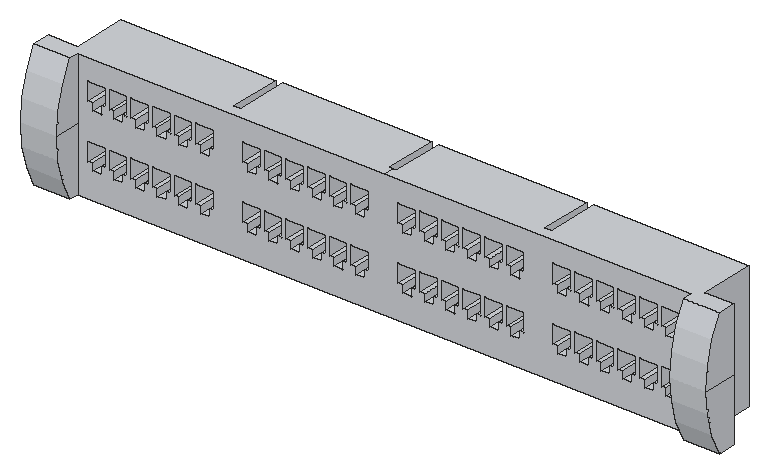
Revit family
Parameters
  Material ID = "760152348"
  Description = "SYSTIMAX 360™ iPatch® 1100GS6 EVOLVE U/UTP PATCH PANEL, 48 PORT"
Reference planes (in)
  plane 1 "Center (Front/Back)": y = 0
  plane 2: z = 0
  plane 3 "Center (Left/Right)": x = 0
Forms (in)
  Extrusion 1, solid
    sketch origin (0, 0, 0) x (1, 0, 0) y (0, 0, 1)
      loop
        line (0, 1.75) -> (-9.5, 1.75) -> (-9.5, 0) -> (-9.5, -1.75) -> (0, -1.75) -> (9.5, -1.75) -> (9.5, 0) -> (9.5, 1.75) -> (0, 1.75)
    from 0 to 2.5
  Extrusion 2, void
    sketch origin (0, 0, 0) x (0, 1, 0) y (0, 0, 1)
      loop
        line (-2, 1.75) -> (-3.8877, 1.75) -> (-3.8877, -1.75) -> (-2, -1.75)
        arc (-2, -1.75) -> (-2.4805, 0) -> (-2, 1.75) r 3.42703
    from -11.51115 to 12
  Extrusion 3, void
    sketch origin (0, 0, 0) x (1, 0, 0) y (0, 0, 1)
      loop
        line (-8.5, 1.75) -> (-8.5, 0) -> (-8.5, -1.75) -> (0, -1.75) -> (8.5, -1.75) -> (8.5, 0) -> (8.5, 1.75) -> (0, 1.75) -> (-8.5, 1.75)
    from 1.75233 to 12
  Extrusion 4, void
    sketch origin (0, 0, 0) x (0, 1, 0) y (0, 0, 1)
      loop
        line (0, 1.75) -> (-1.5, 1.75) -> (-1.5, -1.75) -> (0, -1.75) -> (0, 1.75)
    from 8.68821 to 11.36382
  Extrusion 5, void
    sketch origin (0, 0, 0) x (0, 1, 0) y (0, 0, -1)
      loop
        line (0, -1.75) -> (0, 1.75) -> (-1.5, 1.75) -> (-1.5, -1.75) -> (0, -1.75)
    from 8.68821 to 11.36382
  Extrusion 6, void, not visible
    sketch origin (0, 0, 0) x (1, 0, 0) y (0, 0, 1)
      loop
        line (-7.85662, 0.48089) -> (-7.85662, -0.39002) -> (-7.67285, -0.39002) -> (-7.67285, -0.64002) -> (-7.0736, -0.64002) -> (-7.0736, -0.39002) -> (-6.92978, -0.39002) -> (-6.92978, 0.48089) -> (-7.85662, 0.48089)
    from -3.79215 to 12
  Extrusion 7, void
    sketch origin (0, 0, 0.75) x (1, 0, 0) y (0, 0, 1)
      loop
        line (-8.21397, 0.42583) -> (-8.21397, -0.07417) -> (-8.08657, -0.07417) -> (-8.08657, -0.27417) -> (-7.83657, -0.27417) -> (-7.83657, -0.07417) -> (-7.72497, -0.07417) -> (-7.72497, 0.42583) -> (-8.21397, 0.42583)
    from 0.74059 to 3.34334
  Extrusion 8, void
    sketch origin (0.6, 0, 0.75) x (1, 0, 0) y (0, 0, 1)
      loop
        line (-8.21397, 0.42583) -> (-8.21397, -0.07417) -> (-8.08657, -0.07417) -> (-8.08657, -0.27417) -> (-7.83657, -0.27417) -> (-7.83657, -0.07417) -> (-7.72497, -0.07417) -> (-7.72497, 0.42583) -> (-8.21397, 0.42583)
    from 0.74059 to 3.34334
  Extrusion 9, void
    sketch origin (1.2, 0, 0.75) x (1, 0, 0) y (0, 0, 1)
      loop
        line (-8.21397, 0.42583) -> (-8.21397, -0.07417) -> (-8.08657, -0.07417) -> (-8.08657, -0.27417) -> (-7.83657, -0.27417) -> (-7.83657, -0.07417) -> (-7.72497, -0.07417) -> (-7.72497, 0.42583) -> (-8.21397, 0.42583)
    from 0.74059 to 3.34334
  Extrusion 10, void
    sketch origin (1.8, 0, 0.75) x (1, 0, 0) y (0, 0, 1)
      loop
        line (-8.21397, 0.42583) -> (-8.21397, -0.07417) -> (-8.08657, -0.07417) -> (-8.08657, -0.27417) -> (-7.83657, -0.27417) -> (-7.83657, -0.07417) -> (-7.72497, -0.07417) -> (-7.72497, 0.42583) -> (-8.21397, 0.42583)
    from 0.74059 to 3.34334
  Extrusion 11, void
    sketch origin (2.4, 0, 0.75) x (1, 0, 0) y (0, 0, 1)
      loop
        line (-8.21397, 0.42583) -> (-8.21397, -0.07417) -> (-8.08657, -0.07417) -> (-8.08657, -0.27417) -> (-7.83657, -0.27417) -> (-7.83657, -0.07417) -> (-7.72497, -0.07417) -> (-7.72497, 0.42583) -> (-8.21397, 0.42583)
    from 0.74059 to 3.34334
  Extrusion 12, void
    sketch origin (3, 0, 0.75) x (1, 0, 0) y (0, 0, 1)
      loop
        line (-8.21397, 0.42583) -> (-8.21397, -0.07417) -> (-8.08657, -0.07417) -> (-8.08657, -0.27417) -> (-7.83657, -0.27417) -> (-7.83657, -0.07417) -> (-7.72497, -0.07417) -> (-7.72497, 0.42583) -> (-8.21397, 0.42583)
    from 0.74059 to 3.34334
  Extrusion 13, void, not visible
    sketch origin (0, 0, 0) x (1, 0, 0) y (0, 0, 1)
      loop
        line (-8.21397, 0.42583) -> (-8.21397, -0.07417) -> (-8.08657, -0.07417) -> (-8.08657, -0.27417) -> (-7.83657, -0.27417) -> (-7.83657, -0.07417) -> (-7.72497, -0.07417) -> (-7.72497, 0.42583) -> (-8.21397, 0.42583)
    from 0.74059 to 3.34334
  Extrusion 14, void
    sketch origin (4.3, 0, 0.75) x (1, 0, 0) y (0, 0, 1)
      loop
        line (-8.21397, 0.42583) -> (-8.21397, -0.07417) -> (-8.08657, -0.07417) -> (-8.08657, -0.27417) -> (-7.83657, -0.27417) -> (-7.83657, -0.07417) -> (-7.72497, -0.07417) -> (-7.72497, 0.42583) -> (-8.21397, 0.42583)
    from 0.74059 to 3.34334
  Extrusion 15, void
    sketch origin (4.9, 0, 0.75) x (1, 0, 0) y (0, 0, 1)
      loop
        line (-8.21397, 0.42583) -> (-8.21397, -0.07417) -> (-8.08657, -0.07417) -> (-8.08657, -0.27417) -> (-7.83657, -0.27417) -> (-7.83657, -0.07417) -> (-7.72497, -0.07417) -> (-7.72497, 0.42583) -> (-8.21397, 0.42583)
    from 0.74059 to 3.34334
  Extrusion 16, void
    sketch origin (5.5, 0, 0.75) x (1, 0, 0) y (0, 0, 1)
      loop
        line (-8.21397, 0.42583) -> (-8.21397, -0.07417) -> (-8.08657, -0.07417) -> (-8.08657, -0.27417) -> (-7.83657, -0.27417) -> (-7.83657, -0.07417) -> (-7.72497, -0.07417) -> (-7.72497, 0.42583) -> (-8.21397, 0.42583)
    from 0.74059 to 3.34334
  Extrusion 17, void
    sketch origin (6.1, 0, 0.75) x (1, 0, 0) y (0, 0, 1)
      loop
        line (-8.21397, 0.42583) -> (-8.21397, -0.07417) -> (-8.08657, -0.07417) -> (-8.08657, -0.27417) -> (-7.83657, -0.27417) -> (-7.83657, -0.07417) -> (-7.72497, -0.07417) -> (-7.72497, 0.42583) -> (-8.21397, 0.42583)
    from 0.74059 to 3.34334
  Extrusion 18, void
    sketch origin (6.7, 0, 0.75) x (1, 0, 0) y (0, 0, 1)
      loop
        line (-8.21397, 0.42583) -> (-8.21397, -0.07417) -> (-8.08657, -0.07417) -> (-8.08657, -0.27417) -> (-7.83657, -0.27417) -> (-7.83657, -0.07417) -> (-7.72497, -0.07417) -> (-7.72497, 0.42583) -> (-8.21397, 0.42583)
    from 0.74059 to 3.34334
  Extrusion 19, void
    sketch origin (7.3, 0, 0.75) x (1, 0, 0) y (0, 0, 1)
      loop
        line (-8.21397, 0.42583) -> (-8.21397, -0.07417) -> (-8.08657, -0.07417) -> (-8.08657, -0.27417) -> (-7.83657, -0.27417) -> (-7.83657, -0.07417) -> (-7.72497, -0.07417) -> (-7.72497, 0.42583) -> (-8.21397, 0.42583)
    from 0.74059 to 3.34334
  Extrusion 20, void
    sketch origin (8.6, 0, 0.75) x (1, 0, 0) y (0, 0, 1)
      loop
        line (-8.21397, 0.42583) -> (-8.21397, -0.07417) -> (-8.08657, -0.07417) -> (-8.08657, -0.27417) -> (-7.83657, -0.27417) -> (-7.83657, -0.07417) -> (-7.72497, -0.07417) -> (-7.72497, 0.42583) -> (-8.21397, 0.42583)
    from 0.74059 to 3.34334
  Extrusion 21, void
    sketch origin (9.2, 0, 0.75) x (1, 0, 0) y (0, 0, 1)
      loop
        line (-8.21397, 0.42583) -> (-8.21397, -0.07417) -> (-8.08657, -0.07417) -> (-8.08657, -0.27417) -> (-7.83657, -0.27417) -> (-7.83657, -0.07417) -> (-7.72497, -0.07417) -> (-7.72497, 0.42583) -> (-8.21397, 0.42583)
    from 0.74059 to 3.34334
  Extrusion 22, void
    sketch origin (9.8, 0, 0.75) x (1, 0, 0) y (0, 0, 1)
      loop
        line (-8.21397, 0.42583) -> (-8.21397, -0.07417) -> (-8.08657, -0.07417) -> (-8.08657, -0.27417) -> (-7.83657, -0.27417) -> (-7.83657, -0.07417) -> (-7.72497, -0.07417) -> (-7.72497, 0.42583) -> (-8.21397, 0.42583)
    from 0.74059 to 3.34334
  Extrusion 23, void
    sketch origin (10.4, 0, 0.75) x (1, 0, 0) y (0, 0, 1)
      loop
        line (-8.21397, 0.42583) -> (-8.21397, -0.07417) -> (-8.08657, -0.07417) -> (-8.08657, -0.27417) -> (-7.83657, -0.27417) -> (-7.83657, -0.07417) -> (-7.72497, -0.07417) -> (-7.72497, 0.42583) -> (-8.21397, 0.42583)
    from 0.74059 to 3.34334
  Extrusion 24, void
    sketch origin (11, 0, 0.75) x (1, 0, 0) y (0, 0, 1)
      loop
        line (-8.21397, 0.42583) -> (-8.21397, -0.07417) -> (-8.08657, -0.07417) -> (-8.08657, -0.27417) -> (-7.83657, -0.27417) -> (-7.83657, -0.07417) -> (-7.72497, -0.07417) -> (-7.72497, 0.42583) -> (-8.21397, 0.42583)
    from 0.74059 to 3.34334
  Extrusion 25, void
    sketch origin (11.6, 0, 0.75) x (1, 0, 0) y (0, 0, 1)
      loop
        line (-8.21397, 0.42583) -> (-8.21397, -0.07417) -> (-8.08657, -0.07417) -> (-8.08657, -0.27417) -> (-7.83657, -0.27417) -> (-7.83657, -0.07417) -> (-7.72497, -0.07417) -> (-7.72497, 0.42583) -> (-8.21397, 0.42583)
    from 0.74059 to 3.34334
  Extrusion 26, void
    sketch origin (12.9, 0, 0.75) x (1, 0, 0) y (0, 0, 1)
      loop
        line (-8.21397, 0.42583) -> (-8.21397, -0.07417) -> (-8.08657, -0.07417) -> (-8.08657, -0.27417) -> (-7.83657, -0.27417) -> (-7.83657, -0.07417) -> (-7.72497, -0.07417) -> (-7.72497, 0.42583) -> (-8.21397, 0.42583)
    from 0.74059 to 3.34334
  Extrusion 27, void
    sketch origin (13.5, 0, 0.75) x (1, 0, 0) y (0, 0, 1)
      loop
        line (-8.21397, 0.42583) -> (-8.21397, -0.07417) -> (-8.08657, -0.07417) -> (-8.08657, -0.27417) -> (-7.83657, -0.27417) -> (-7.83657, -0.07417) -> (-7.72497, -0.07417) -> (-7.72497, 0.42583) -> (-8.21397, 0.42583)
    from 0.74059 to 3.34334
  Extrusion 28, void
    sketch origin (14.1, 0, 0.75) x (1, 0, 0) y (0, 0, 1)
      loop
        line (-8.21397, 0.42583) -> (-8.21397, -0.07417) -> (-8.08657, -0.07417) -> (-8.08657, -0.27417) -> (-7.83657, -0.27417) -> (-7.83657, -0.07417) -> (-7.72497, -0.07417) -> (-7.72497, 0.42583) -> (-8.21397, 0.42583)
    from 0.74059 to 3.34334
  Extrusion 29, void
    sketch origin (14.7, 0, 0.75) x (1, 0, 0) y (0, 0, 1)
      loop
        line (-8.21397, 0.42583) -> (-8.21397, -0.07417) -> (-8.08657, -0.07417) -> (-8.08657, -0.27417) -> (-7.83657, -0.27417) -> (-7.83657, -0.07417) -> (-7.72497, -0.07417) -> (-7.72497, 0.42583) -> (-8.21397, 0.42583)
    from 0.74059 to 3.34334
  Extrusion 30, void
    sketch origin (15.3, 0, 0.75) x (1, 0, 0) y (0, 0, 1)
      loop
        line (-8.21397, 0.42583) -> (-8.21397, -0.07417) -> (-8.08657, -0.07417) -> (-8.08657, -0.27417) -> (-7.83657, -0.27417) -> (-7.83657, -0.07417) -> (-7.72497, -0.07417) -> (-7.72497, 0.42583) -> (-8.21397, 0.42583)
    from 0.74059 to 3.34334
  Extrusion 31, void
    sketch origin (15.9, 0, 0.75) x (1, 0, 0) y (0, 0, 1)
      loop
        line (-8.21397, 0.42583) -> (-8.21397, -0.07417) -> (-8.08657, -0.07417) -> (-8.08657, -0.27417) -> (-7.83657, -0.27417) -> (-7.83657, -0.07417) -> (-7.72497, -0.07417) -> (-7.72497, 0.42583) -> (-8.21397, 0.42583)
    from 0.74059 to 3.34334
  Extrusion 32, void
    sketch origin (0, 0, 0) x (1, 0, 0) y (0, 0, 1)
      loop
        line (9.21516, 1.20765) -> (9.01112, 1.20765)
        arc (9.01112, 1.20765) -> (8.88612, 1.08265) -> (9.01112, 0.95765) r 0.125
        line (9.01112, 0.95765) -> (9.21516, 0.95765)
        arc (9.21516, 0.95765) -> (9.34016, 1.08265) -> (9.21516, 1.20765) r 0.125
    from -0.81157 to 2
  Extrusion 33, void
    sketch origin (0, 0, 0) x (1, 0, 0) y (0, 0, 1)
      loop
        arc (9.21516, -1.20765) -> (9.34016, -1.08265) -> (9.21516, -0.95765) r 0.125
        line (9.21516, -0.95765) -> (9.01112, -0.95765)
        arc (9.01112, -0.95765) -> (8.88612, -1.08265) -> (9.01112, -1.20765) r 0.125
        line (9.01112, -1.20765) -> (9.21516, -1.20765)
    from -0.81157 to 2
  Extrusion 34, void
    sketch origin (0, 0, 0) x (-1, 0, 0) y (0, 0, -1)
      loop
        arc (9.21516, -1.20765) -> (9.34016, -1.08265) -> (9.21516, -0.95765) r 0.125
        line (9.21516, -0.95765) -> (9.01112, -0.95765)
        arc (9.01112, -0.95765) -> (8.88612, -1.08265) -> (9.01112, -1.20765) r 0.125
        line (9.01112, -1.20765) -> (9.21516, -1.20765)
    from -0.81157 to 2
  Extrusion 35, void
    sketch origin (0, 0, 0) x (-1, 0, 0) y (0, 0, -1)
      loop
        line (9.21516, 1.20765) -> (9.01112, 1.20765)
        arc (9.01112, 1.20765) -> (8.88612, 1.08265) -> (9.01112, 0.95765) r 0.125
        line (9.01112, 0.95765) -> (9.21516, 0.95765)
        arc (9.21516, 0.95765) -> (9.34016, 1.08265) -> (9.21516, 1.20765) r 0.125
    from -0.81157 to 2
  Extrusion 36, void
    sketch origin (0, 0, 0) x (1, 0, 0) y (0, 0, 1)
      loop
        line (4.40826, 1.75) -> (4.20826, 1.75) -> (4.20826, -1.75) -> (4.40826, -1.75) -> (4.40826, 1.75)
    from 0 to 1.44779
  Extrusion 37, void
    sketch origin (-4.29969, 0, 0) x (1, 0, 0) y (0, 0, 1)
      loop
        line (4.40826, 1.75) -> (4.20826, 1.75) -> (4.20826, -1.75) -> (4.40826, -1.75) -> (4.40826, 1.75)
    from 0 to 1.44779
  Extrusion 38, void
    sketch origin (-8.6195, 0, 0) x (1, 0, 0) y (0, 0, 1)
      loop
        line (4.40826, 1.75) -> (4.20826, 1.75) -> (4.20826, -1.75) -> (4.40826, -1.75) -> (4.40826, 1.75)
    from 0 to 1.44779
  Extrusion 39, void
    sketch origin (0, 0, -0.75) x (1, 0, 0) y (0, 0, 1)
      loop
        line (-8.21397, 0.42583) -> (-8.21397, -0.07417) -> (-8.08657, -0.07417) -> (-8.08657, -0.27417) -> (-7.83657, -0.27417) -> (-7.83657, -0.07417) -> (-7.72497, -0.07417) -> (-7.72497, 0.42583) -> (-8.21397, 0.42583)
    from 0.74059 to 3.34334
  Extrusion 40, void
    sketch origin (0.6, 0, -0.75) x (1, 0, 0) y (0, 0, 1)
      loop
        line (-8.21397, 0.42583) -> (-8.21397, -0.07417) -> (-8.08657, -0.07417) -> (-8.08657, -0.27417) -> (-7.83657, -0.27417) -> (-7.83657, -0.07417) -> (-7.72497, -0.07417) -> (-7.72497, 0.42583) -> (-8.21397, 0.42583)
    from 0.74059 to 3.34334
  Extrusion 41, void
    sketch origin (1.2, 0, -0.75) x (1, 0, 0) y (0, 0, 1)
      loop
        line (-8.21397, 0.42583) -> (-8.21397, -0.07417) -> (-8.08657, -0.07417) -> (-8.08657, -0.27417) -> (-7.83657, -0.27417) -> (-7.83657, -0.07417) -> (-7.72497, -0.07417) -> (-7.72497, 0.42583) -> (-8.21397, 0.42583)
    from 0.74059 to 3.34334
  Extrusion 42, void
    sketch origin (1.8, 0, -0.75) x (1, 0, 0) y (0, 0, 1)
      loop
        line (-8.21397, 0.42583) -> (-8.21397, -0.07417) -> (-8.08657, -0.07417) -> (-8.08657, -0.27417) -> (-7.83657, -0.27417) -> (-7.83657, -0.07417) -> (-7.72497, -0.07417) -> (-7.72497, 0.42583) -> (-8.21397, 0.42583)
    from 0.74059 to 3.34334
  Extrusion 43, void
    sketch origin (2.4, 0, -0.75) x (1, 0, 0) y (0, 0, 1)
      loop
        line (-8.21397, 0.42583) -> (-8.21397, -0.07417) -> (-8.08657, -0.07417) -> (-8.08657, -0.27417) -> (-7.83657, -0.27417) -> (-7.83657, -0.07417) -> (-7.72497, -0.07417) -> (-7.72497, 0.42583) -> (-8.21397, 0.42583)
    from 0.74059 to 3.34334
  Extrusion 44, void
    sketch origin (3, 0, -0.75) x (1, 0, 0) y (0, 0, 1)
      loop
        line (-8.21397, 0.42583) -> (-8.21397, -0.07417) -> (-8.08657, -0.07417) -> (-8.08657, -0.27417) -> (-7.83657, -0.27417) -> (-7.83657, -0.07417) -> (-7.72497, -0.07417) -> (-7.72497, 0.42583) -> (-8.21397, 0.42583)
    from 0.74059 to 3.34334
  Extrusion 45, void
    sketch origin (4.3, 0, -0.75) x (1, 0, 0) y (0, 0, 1)
      loop
        line (-8.21397, 0.42583) -> (-8.21397, -0.07417) -> (-8.08657, -0.07417) -> (-8.08657, -0.27417) -> (-7.83657, -0.27417) -> (-7.83657, -0.07417) -> (-7.72497, -0.07417) -> (-7.72497, 0.42583) -> (-8.21397, 0.42583)
    from 0.74059 to 3.34334
  Extrusion 46, void
    sketch origin (4.9, 0, -0.75) x (1, 0, 0) y (0, 0, 1)
      loop
        line (-8.21397, 0.42583) -> (-8.21397, -0.07417) -> (-8.08657, -0.07417) -> (-8.08657, -0.27417) -> (-7.83657, -0.27417) -> (-7.83657, -0.07417) -> (-7.72497, -0.07417) -> (-7.72497, 0.42583) -> (-8.21397, 0.42583)
    from 0.74059 to 3.34334
  Extrusion 47, void
    sketch origin (5.5, 0, -0.75) x (1, 0, 0) y (0, 0, 1)
      loop
        line (-8.21397, 0.42583) -> (-8.21397, -0.07417) -> (-8.08657, -0.07417) -> (-8.08657, -0.27417) -> (-7.83657, -0.27417) -> (-7.83657, -0.07417) -> (-7.72497, -0.07417) -> (-7.72497, 0.42583) -> (-8.21397, 0.42583)
    from 0.74059 to 3.34334
  Extrusion 48, void
    sketch origin (6.1, 0, -0.75) x (1, 0, 0) y (0, 0, 1)
      loop
        line (-8.21397, 0.42583) -> (-8.21397, -0.07417) -> (-8.08657, -0.07417) -> (-8.08657, -0.27417) -> (-7.83657, -0.27417) -> (-7.83657, -0.07417) -> (-7.72497, -0.07417) -> (-7.72497, 0.42583) -> (-8.21397, 0.42583)
    from 0.74059 to 3.34334
  Extrusion 49, void
    sketch origin (6.7, 0, -0.75) x (1, 0, 0) y (0, 0, 1)
      loop
        line (-8.21397, 0.42583) -> (-8.21397, -0.07417) -> (-8.08657, -0.07417) -> (-8.08657, -0.27417) -> (-7.83657, -0.27417) -> (-7.83657, -0.07417) -> (-7.72497, -0.07417) -> (-7.72497, 0.42583) -> (-8.21397, 0.42583)
    from 0.74059 to 3.34334
  Extrusion 50, void
    sketch origin (7.3, 0, -0.75) x (1, 0, 0) y (0, 0, 1)
      loop
        line (-8.21397, 0.42583) -> (-8.21397, -0.07417) -> (-8.08657, -0.07417) -> (-8.08657, -0.27417) -> (-7.83657, -0.27417) -> (-7.83657, -0.07417) -> (-7.72497, -0.07417) -> (-7.72497, 0.42583) -> (-8.21397, 0.42583)
    from 0.74059 to 3.34334
  Extrusion 51, void
    sketch origin (8.6, 0, -0.75) x (1, 0, 0) y (0, 0, 1)
      loop
        line (-8.21397, 0.42583) -> (-8.21397, -0.07417) -> (-8.08657, -0.07417) -> (-8.08657, -0.27417) -> (-7.83657, -0.27417) -> (-7.83657, -0.07417) -> (-7.72497, -0.07417) -> (-7.72497, 0.42583) -> (-8.21397, 0.42583)
    from 0.74059 to 3.34334
  Extrusion 52, void
    sketch origin (9.2, 0, -0.75) x (1, 0, 0) y (0, 0, 1)
      loop
        line (-8.21397, 0.42583) -> (-8.21397, -0.07417) -> (-8.08657, -0.07417) -> (-8.08657, -0.27417) -> (-7.83657, -0.27417) -> (-7.83657, -0.07417) -> (-7.72497, -0.07417) -> (-7.72497, 0.42583) -> (-8.21397, 0.42583)
    from 0.74059 to 3.34334
  Extrusion 53, void
    sketch origin (9.8, 0, -0.75) x (1, 0, 0) y (0, 0, 1)
      loop
        line (-8.21397, 0.42583) -> (-8.21397, -0.07417) -> (-8.08657, -0.07417) -> (-8.08657, -0.27417) -> (-7.83657, -0.27417) -> (-7.83657, -0.07417) -> (-7.72497, -0.07417) -> (-7.72497, 0.42583) -> (-8.21397, 0.42583)
    from 0.74059 to 3.34334
  Extrusion 54, void
    sketch origin (10.4, 0, -0.75) x (1, 0, 0) y (0, 0, 1)
      loop
        line (-8.21397, 0.42583) -> (-8.21397, -0.07417) -> (-8.08657, -0.07417) -> (-8.08657, -0.27417) -> (-7.83657, -0.27417) -> (-7.83657, -0.07417) -> (-7.72497, -0.07417) -> (-7.72497, 0.42583) -> (-8.21397, 0.42583)
    from 0.74059 to 3.34334
  Extrusion 55, void
    sketch origin (11, 0, -0.75) x (1, 0, 0) y (0, 0, 1)
      loop
        line (-8.21397, 0.42583) -> (-8.21397, -0.07417) -> (-8.08657, -0.07417) -> (-8.08657, -0.27417) -> (-7.83657, -0.27417) -> (-7.83657, -0.07417) -> (-7.72497, -0.07417) -> (-7.72497, 0.42583) -> (-8.21397, 0.42583)
    from 0.74059 to 3.34334
  Extrusion 56, void
    sketch origin (11.6, 0, -0.75) x (1, 0, 0) y (0, 0, 1)
      loop
        line (-8.21397, 0.42583) -> (-8.21397, -0.07417) -> (-8.08657, -0.07417) -> (-8.08657, -0.27417) -> (-7.83657, -0.27417) -> (-7.83657, -0.07417) -> (-7.72497, -0.07417) -> (-7.72497, 0.42583) -> (-8.21397, 0.42583)
    from 0.74059 to 3.34334
  Extrusion 57, void
    sketch origin (12.9, 0, -0.75) x (1, 0, 0) y (0, 0, 1)
      loop
        line (-8.21397, 0.42583) -> (-8.21397, -0.07417) -> (-8.08657, -0.07417) -> (-8.08657, -0.27417) -> (-7.83657, -0.27417) -> (-7.83657, -0.07417) -> (-7.72497, -0.07417) -> (-7.72497, 0.42583) -> (-8.21397, 0.42583)
    from 0.74059 to 3.34334
  Extrusion 58, void
    sketch origin (13.5, 0, -0.75) x (1, 0, 0) y (0, 0, 1)
      loop
        line (-8.21397, 0.42583) -> (-8.21397, -0.07417) -> (-8.08657, -0.07417) -> (-8.08657, -0.27417) -> (-7.83657, -0.27417) -> (-7.83657, -0.07417) -> (-7.72497, -0.07417) -> (-7.72497, 0.42583) -> (-8.21397, 0.42583)
    from 0.74059 to 3.34334
  Extrusion 59, void
    sketch origin (14.1, 0, -0.75) x (1, 0, 0) y (0, 0, 1)
      loop
        line (-8.21397, 0.42583) -> (-8.21397, -0.07417) -> (-8.08657, -0.07417) -> (-8.08657, -0.27417) -> (-7.83657, -0.27417) -> (-7.83657, -0.07417) -> (-7.72497, -0.07417) -> (-7.72497, 0.42583) -> (-8.21397, 0.42583)
    from 0.74059 to 3.34334
  Extrusion 60, void
    sketch origin (14.7, 0, -0.75) x (1, 0, 0) y (0, 0, 1)
      loop
        line (-8.21397, 0.42583) -> (-8.21397, -0.07417) -> (-8.08657, -0.07417) -> (-8.08657, -0.27417) -> (-7.83657, -0.27417) -> (-7.83657, -0.07417) -> (-7.72497, -0.07417) -> (-7.72497, 0.42583) -> (-8.21397, 0.42583)
    from 0.74059 to 3.34334
  Extrusion 61, void
    sketch origin (15.3, 0, -0.75) x (1, 0, 0) y (0, 0, 1)
      loop
        line (-8.21397, 0.42583) -> (-8.21397, -0.07417) -> (-8.08657, -0.07417) -> (-8.08657, -0.27417) -> (-7.83657, -0.27417) -> (-7.83657, -0.07417) -> (-7.72497, -0.07417) -> (-7.72497, 0.42583) -> (-8.21397, 0.42583)
    from 0.74059 to 3.34334
  Extrusion 62, void
    sketch origin (15.9, 0, -0.75) x (1, 0, 0) y (0, 0, 1)
      loop
        line (-8.21397, 0.42583) -> (-8.21397, -0.07417) -> (-8.08657, -0.07417) -> (-8.08657, -0.27417) -> (-7.83657, -0.27417) -> (-7.83657, -0.07417) -> (-7.72497, -0.07417) -> (-7.72497, 0.42583) -> (-8.21397, 0.42583)
    from 0.74059 to 3.34334
Cuts and joins
  Extrusion 2, Extrusion 3, Extrusion 4, Extrusion 5, Extrusion 7, Extrusion 8, Extrusion 9, Extrusion 10, Extrusion 11, Extrusion 12, Extrusion 14, Extrusion 15, Extrusion 16, Extrusion 17, Extrusion 18, Extrusion 19, Extrusion 20, Extrusion 21, Extrusion 22, Extrusion 23, Extrusion 24, Extrusion 25, Extrusion 26, Extrusion 27, Extrusion 28, Extrusion 29, Extrusion 30, Extrusion 31, Extrusion 32, Extrusion 33, Extrusion 34, Extrusion 35, Extrusion 36, Extrusion 37, Extrusion 38, Extrusion 39, Extrusion 40, Extrusion 41, Extrusion 42, Extrusion 43, Extrusion 44, Extrusion 45, Extrusion 46, Extrusion 47, Extrusion 48, Extrusion 49, Extrusion 50, Extrusion 51, Extrusion 52, Extrusion 53, Extrusion 54, Extrusion 55, Extrusion 56, Extrusion 57, Extrusion 58, Extrusion 59, Extrusion 60, Extrusion 61, Extrusion 62 cuts Extrusion 1
Dimensions and locks (in)
  equal spacing: group 2, group 3, group 4, group 5, group 6, group 7  (x3)
  equal spacing: group 9, group 10, group 11, group 12, group 13, group 14  (x3)
  equal spacing: group 16, group 17, group 18, group 19, group 20, group 21  (x3)
  equal spacing: group 23, group 24, group 25, group 26, group 27, group 28  (x3)
  equal spacing: group 36, group 37, group 38, group 39, group 40, group 41  (x3)
  equal spacing: group 43, group 44, group 45, group 46, group 47, group 48  (x3)
  equal spacing: group 50, group 51, group 52, group 53, group 54, group 55  (x3)
  aligned and locked: level to Extrusion 1 sketch curve
  aligned and locked: plane 3 "Center (Left/Right)" to Extrusion 1 sketch curve
  aligned and locked: Extrusion 3 sketch curve to cut or joined group 1 (Extrusion 1, Extrusion 2, Extrusion 3, Extrusion 4, Extrusion 5, Extrusion 7, Extrusion 8, Extrusion 9, Extrusion 10, Extrusion 11, Extrusion 12, Extrusion 14, Extrusion 15, Extrusion 16, Extrusion 17, Extrusion 18, Extrusion 19, Extrusion 20, Extrusion 21, Extrusion 22, Extrusion 23, Extrusion 24, Extrusion 25, Extrusion 26, Extrusion 27, Extrusion 28, Extrusion 29, Extrusion 30, Extrusion 31, Extrusion 32, Extrusion 33, Extrusion 34, Extrusion 35, Extrusion 36, Extrusion 37, Extrusion 38, Extrusion 39, Extrusion 40, Extrusion 41, Extrusion 42, Extrusion 43, Extrusion 44, Extrusion 45, Extrusion 46, Extrusion 47, Extrusion 48, Extrusion 49, Extrusion 50, Extrusion 51, Extrusion 52, Extrusion 53, Extrusion 54, Extrusion 55, Extrusion 56, Extrusion 57, Extrusion 58, Extrusion 59, Extrusion 60, Extrusion 61, Extrusion 62)  (x2)
  aligned and locked: level to Extrusion 3 sketch curve
  aligned and locked: Extrusion 4 sketch curve to cut or joined group 1
